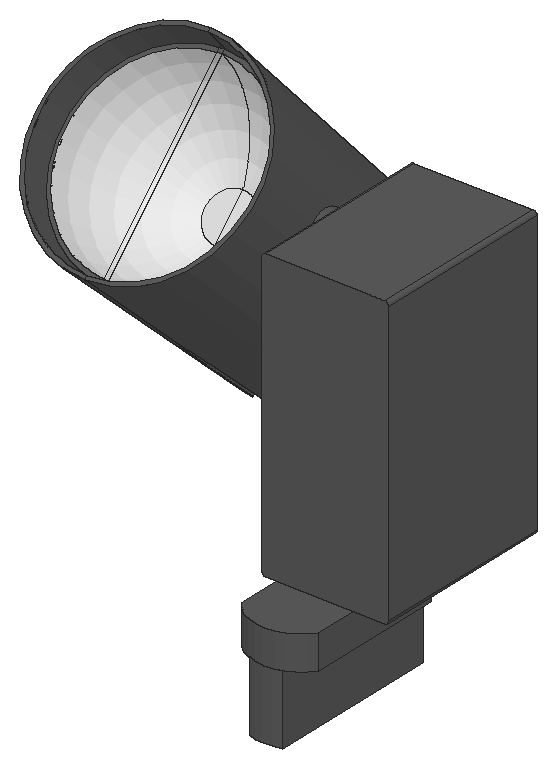
Revit family "0004949 Feilo Sylvania Lighting Fixture START TRACK SPOT S DALI 2141LM 940 MB BLK", category Lighting Fixtures, host Face, Revit 2017 (continued)
Definition of nested family "Start Track Spot Head"
  Types (96, lengths in mm): name | Wattage | built-in parameter 1150134 | Photometric Web File | Model | built-in parameter 1150105 | Lumens | built-in parameter 1150107 | built-in parameter 1150106 | HeadThickness_FEILO | HeadRibOffset_FEILO | HeadRibDepth_FEILO | HeadRibCutWidth_FEILO | HeadRibCutOffset_FEILO | HeadReflectorRadius_FEILO | HeadReflectorOffset_FEILO | HeadLEDRadius_FEILO | HeadHeight_FEILO | HeadDiffusorOffset_FEILO | HeadDiaOut_FEILO | HeadDiaIn_FEILO | HeadAxisFromTop_FEILO | Emit from Circle Diameter | built-in parameter 1150104 | Description | Apparent Load
    0004812 START TRACK SPOT S 14W 3K RA80 MB WHITE | 14 W | (empty or 0) | "0004812.ies" | "START TRACK SPOT S 14W 3K RA80 MB WHITE" | 120.32 (stored number, unit not read) | 1512 lm | 3000 (stored number, unit not read) | 1.2032 (stored number, unit not read) | 1.5 | 4.179 | 55.714 | 7.167 | 50.87 | 50.588 | 55.714 | 9.556 | 117 | 9.435 | 86 | 77.477 | 69.354 | 77.477 | 10.034 (stored number, unit not read) | "Integrated LED spotlight, Textured White - RAL9016, compact and minimalist design, ideal for retail applications, die-cast aluminium body, passive cooling heatsink. Beam angle: 36°, color temperature: 3000K , total system power: 14W, total fixture output: 1508 lm, LOR: 100%, colour rendering: Ra: 80 typical, LED Chromaticity: 3 step MacAdam ellipse, lifetime: >50000 hours at L70B50, energy class: A++, A+, A, IR/UV free light source without heat radiation, operating voltage: 220-240V / 50-60Hz, drive current: 350mA, electronic driver, non-dimmable, power factor: 0.92, electrical protection: Class II, Global Track 3 Phase adapter suitable for Global trac 3-circuit tracks, ingress protection rating: IP20, suitable for internal environment only, horizontal rotation: 355°, vertical tilt: 90°, dimensions: Ø86x140x200, weight: 0.940kg." | 14 VA
    0004811 START TRACK SPOT S 14W 3K RA80 NB WHITE | 14 W | (empty or 0) | "0004811.ies" | "START TRACK SPOT S 14W 3K RA80 NB WHITE" | 123.66 (stored number, unit not read) | 1554 lm | 3000 (stored number, unit not read) | 1.2366 (stored number, unit not read) | 1.5 | 4.179 | 55.714 | 7.167 | 50.87 | 50.588 | 55.714 | 9.556 | 117 | 9.435 | 86 | 77.477 | 69.354 | 77.477 | 10.312 (stored number, unit not read) | "Integrated LED spotlight, Textured White - RAL9016, compact and minimalist design, ideal for retail applications, die-cast aluminium body, passive cooling heatsink. Beam angle: 12°, color temperature: 3000K , total system power: 14W, total fixture output: 1551 lm, LOR: 100%, colour rendering: Ra: 80 typical, LED Chromaticity: 3 step MacAdam ellipse, lifetime: >50000 hours at L70B50, energy class: A++, A+, A, IR/UV free light source without heat radiation, operating voltage: 220-240V / 50-60Hz, drive current: 350mA, electronic driver, non-dimmable, power factor: 0.92, electrical protection: Class II, Global Track 3 Phase adapter suitable for Global trac 3-circuit tracks, ingress protection rating: IP20, suitable for internal environment only, horizontal rotation: 355°, vertical tilt: 90°, dimensions: Ø86x140x200, weight: 0.940kg." | 14 VA
  Reference planes
    plane 1 "Center (Front/Back)": y = 0
    plane 2: z = 0
    plane 3 "Center (Left/Right)": x = 0
    plane 4: x = 43
    plane 5: x = -43
    plane 6: x = -38.739
    plane 7: x = 38.739
    plane 8: z = 69.354
    plane 9: z = -47.646
    plane 10: x = -41.5
    plane 11: x = -37.239
    plane 12: z = -38.211
    plane 13: z = -35.211
    plane 14: z = 8.068
    plane 15: x = -9.556
    plane 16: x = -28.667
    plane 17: x = -19.111
    plane 18: x = -27.167
    plane 19: x = -17.611
    plane 20: x = -8.056
    plane 21: z = 13.64
    plane 22: x = -29.667
    plane 23: x = -26.167
    plane 24: x = -20.111
    plane 25: x = -16.611
    plane 26: x = -10.556
    plane 27: x = -7.056
    plane 28: x = -36.239
    plane 29: x = -40.5
    plane 30: z = 65.175
    plane 31: z = 60.997
    plane 32: z = 56.818
    plane 33: z = 18.484
    plane 34: y = -43
    plane 35: y = 43
    plane 36: y = 3.583
    plane 37: y = -3.583
    plane 38: y = -2.583
    plane 39: y = 2.583
    plane 40: y = 46
    plane 41: z = 13.5
    plane 42: z = -13.5
    plane 43: y = 39
    plane 44: x = 4.708
    plane 45: x = -2.458
    plane 46: x = -1.458
    plane 47: x = 1.458
  Forms (mm)
    Extrusion 1, solid
      sketch origin (4.2, 0, 0) x (1, 0, 0) y (0, 1, 0)
        loop
          line (-1219.2, 1219.2) -> (-1219.2, -1219.2) -> (1219.2, -1219.2) -> (1219.2, 1219.2) -> (-1219.2, 1219.2)
      from 0 to -68.017
    Revolve 2, solid, material <- "Material_1_FEILO", detail levels medium+fine
      sketch origin (0, 0, 0) x (1, 0, 0) y (0, 0, 1)
        loop
          line (-43, -47.646) -> (-41.5, -47.646) -> (-40.5, -35.211) -> (-38.739, -35.211)
          arc (-38.739, -35.211) -> (-30.16, -9.517) -> (-9.556, 8.068) r 50.588
          line (-9.556, 8.068) -> (0, 8.068) -> (0, 13.64) -> (-16.611, 13.64) -> (-17.611, 60.997) -> (-19.111, 60.997) -> (-20.111, 13.64) -> (-36.239, 13.64) -> (-37.239, 69.354) -> (-38.739, 69.354) -> (-43, -47.646)
        axis (0, 69.354) -> (0, -47.646)
      angle from 360 to 0
    Extrusion 3, void
      sketch origin (0, 0, 0) x (0, 1, 0) y (0, 0, 1)
        loop
          line (-3.583, 69.354) -> (-2.583, 18.484) -> (1.932, 18.484) -> (2.932, 69.354) -> (-3.583, 69.354)
      from 43 to -43
    Revolve 4, solid, material <- "Material_2_FEILO", detail levels medium+fine
      sketch origin (0, 0, 0) x (1, 0, 0) y (0, 0, 1)
        loop
          line (-41.5, -38.211) -> (0, -38.211) -> (0, -35.211) -> (-41.5, -35.211) -> (-41.5, -38.211)
        axis (0, -35.211) -> (0, -38.211)
      angle from 360 to 0
    Revolve 5, solid, material <- "Material_1_FEILO"
      sketch origin (0, 0, 0) x (0, 1, 0) y (0, 0, 1)
        loop
          line (46, 0) -> (39, 0) -> (39, -13.5) -> (46, -13.5) -> (46, 0)
        axis (39, 0) -> (46, 0)
      angle from 360 to 0
    Revolve 6, solid, material <- "Material_1_FEILO", detail levels medium+fine
      sketch origin (0, 0, 0) x (1, 0, 0) y (0, 0, 1)
        loop
          line (-29.667, 13.64) -> (-26.167, 13.64) -> (-27.167, 65.175) -> (-28.667, 65.175) -> (-29.667, 13.64)
        loop
          line (-10.556, 13.64) -> (-7.056, 13.64) -> (-7.833, 56.818) -> (-9.778, 56.818) -> (-10.556, 13.64)
        axis (0, 65.175) -> (0, 13.64)
      angle from 360 to 0
    Extrusion 7, void
      sketch origin (0, 0, 0) x (1, 0, 0) y (0, 0, 1)
        loop
          line (4.708, 69.354) -> (-2.458, 69.354) -> (-1.458, 13.64) -> (1.458, 13.64) -> (4.708, 69.354)
      from -43 to 43
    Revolve 8, solid, material <- "Material_1_FEILO", detail levels coarse
      sketch origin (0, 0, 0) x (1, 0, 0) y (0, 0, 1)
        loop
          line (0, 69.354) -> (-38.739, 69.354) -> (-43, -47.646) -> (-41.5, -47.646) -> (-40.731, -38.211) -> (0, -38.211) -> (0, 69.354)
        axis (0, 69.354) -> (0, -47.646)
      angle from 360 to 0
  Cuts and joins
    Extrusion 3 cuts Revolve 2
    Extrusion 7 cuts Revolve 6
  Dimensions and locks
    equal spacing: plane 7, plane 3 "Center (Left/Right)", plane 6
    equal spacing: plane 4, plane 3 "Center (Left/Right)", plane 5
    "HeadDiaOut_FEILO": plane 4 to plane 5
    "HeadDiaIn_FEILO": plane 7 to plane 6
    "HeadHeight_FEILO": plane 8 to plane 9
    "HeadThickness_FEILO": plane 10 to plane 5
    "HeadThickness_FEILO": plane 11 to plane 6
    "HeadDiffusorOffset_FEILO": plane 12 to plane 9
    "HeadDiffusorThickness_FEILO": plane 13 to plane 12
    "HeadReflectorOffset_FEILO": plane 14 to plane 9
    "HeadLEDRadius_FEILO": plane 3 "Center (Left/Right)" to plane 15
    "HeadLEDRadius_FEILO": plane 15 to plane 17
    "HeadLEDRadius_FEILO": plane 17 to plane 16
    "HeadThickness_FEILO": plane 18 to plane 16
    "HeadThickness_FEILO": plane 19 to plane 17
    "HeadThickness_FEILO": plane 20 to plane 15
    "HeadRibDepth_FEILO": plane 8 to plane 21
    "HeadDraft_FEILO": plane 16 to plane 22
    "HeadDraft_FEILO": plane 23 to plane 18
    "HeadDraft_FEILO": plane 17 to plane 24
    "HeadDraft_FEILO": plane 25 to plane 19
    "HeadDraft_FEILO": plane 15 to plane 26
    "HeadDraft_FEILO": plane 27 to plane 20
    "HeadDraft_FEILO": plane 29 to plane 10
    "HeadDraft_FEILO": plane 28 to plane 11
    "HeadRibOffset_FEILO": plane 8 to plane 30
    "HeadRibOffset_FEILO": plane 30 to plane 31
    "HeadRibOffset_FEILO": plane 31 to plane 32
    "HeadAxisFromTop_FEILO": plane 8 to plane 2
    "HeadRibCutOffset_FEILO": plane 8 to plane 33
    equal spacing: plane 34, plane 1 "Center (Front/Back)", plane 35
    "HeadDiaOut_FEILO": plane 34 to plane 35
    equal spacing: plane 38, plane 1 "Center (Front/Back)", plane 39
    equal spacing: plane 37, plane 1 "Center (Front/Back)", plane 36
    "HeadRibCutWidth_FEILO": plane 37 to plane 36
    "HeadDraft_FEILO": plane 37 to plane 38
    locked: plane 35 to plane 40 at 3
    equal spacing: plane 41, plane 2, plane 42
    locked: plane 42 to plane 41 at 27
    locked: plane 43 to plane 35 at 4
    equal spacing: plane 45, imposter light, plane 44
    "HeadDraft_FEILO": plane 46 to plane 45
    "HeadRibCutWidth_FEILO": plane 44 to plane 45
    equal spacing: plane 47, plane 3 "Center (Left/Right)", plane 46
    "HeadReflectorRadius_FEILO": radius of Revolve 2 sketch curve
    aligned and locked: plane 2 to Extrusion 1
    aligned and locked: level to Extrusion 1
    aligned and locked: Revolve 2 sketch curve to plane 3 "Center (Left/Right)"  (x2)
    aligned and locked: plane 9 to Revolve 2 sketch curve  (x2)
    aligned and locked: plane 5 to Revolve 2 sketch curve
    aligned and locked: plane 10 to Revolve 2 sketch curve
    aligned and locked: plane 14 to Revolve 2 sketch curve
    aligned and locked: plane 8 to Revolve 2 sketch curve
    aligned and locked: Revolve 2 sketch curve to plane 13
    aligned and locked: plane 12 to Revolve 4 sketch curve
    aligned and locked: plane 3 "Center (Left/Right)" to Revolve 4 sketch curve
    aligned and locked: Revolve 4 sketch curve to plane 10
    aligned and locked: Revolve 4 sketch curve to plane 3 "Center (Left/Right)"
    aligned and locked: plane 12 to imposter light
    aligned and locked: imposter light to plane 1 "Center (Front/Back)"
    aligned and locked: Revolve 5 sketch curve to plane 2
    aligned and locked: plane 43 to Revolve 5 sketch curve
    aligned and locked: plane 42 to Revolve 5 sketch curve
    aligned and locked: Revolve 6 sketch curve to plane 3 "Center (Left/Right)"
    aligned and locked: plane 22 to Revolve 6 sketch curve
    aligned and locked: plane 30 to Revolve 6 sketch curve
    aligned and locked: plane 23 to Revolve 6 sketch curve
    aligned and locked: Revolve 6 sketch curve to plane 21  (x2)
    aligned and locked: plane 21 to Revolve 6 sketch curve
    aligned and locked: plane 17 to Revolve 2 sketch curve
    aligned and locked: plane 19 to Revolve 2 sketch curve
    aligned and locked: plane 31 to Revolve 2 sketch curve
    aligned and locked: plane 21 to Revolve 2 sketch curve
    aligned and locked: Extrusion 3 to plane 8
    aligned and locked: plane 33 to Extrusion 3
    aligned and locked: plane 8 to Extrusion 3 sketch curve
    aligned and locked: Extrusion 3 sketch curve to plane 33
    aligned and locked: Extrusion 3 to plane 5
    aligned and locked: plane 4 to Extrusion 3
    aligned and locked: plane 32 to Revolve 6 sketch curve
    aligned and locked: plane 44 to Extrusion 7 sketch curve
    aligned and locked: Extrusion 7 sketch curve to plane 8
    aligned and locked: plane 46 to Extrusion 7 sketch curve
    aligned and locked: plane 21 to Extrusion 7 sketch curve
    aligned and locked: plane 34 to Extrusion 7
    aligned and locked: Extrusion 7 to plane 35
    aligned and locked: Revolve 4 sketch curve to plane 13
    aligned and locked: Revolve 5 sketch curve to plane 40
    aligned and locked: Revolve 8 sketch curve to plane 3 "Center (Left/Right)"
    aligned and locked: Revolve 8 sketch curve to cut or joined group of Revolve 2, Extrusion 3  (x3)
    aligned and locked: plane 5 to Revolve 8 sketch curve
    aligned and locked: plane 3 "Center (Left/Right)" to Revolve 8 sketch curve
    aligned and locked: plane 12 to Revolve 8 sketch curve
  Automatic sketch dimensions
    Extrusion 1 sketch curve to Extrusion 1 sketch curve = 2438.4 mm  (x2)
    Extrusion 3 sketch curve to plane 37 = 0 mm
    Extrusion 3 sketch curve to plane 38 = 0 mm
    plane 39 to Extrusion 3 sketch curve = 0.651 mm
    Extrusion 3 sketch curve to plane 39 = 0.349 mm
    Revolve 6 sketch curve to plane 16 = 0 mm
    Revolve 6 sketch curve to plane 18 = 0 mm
    Revolve 6 sketch curve to plane 26 = 0 mm
    Revolve 6 sketch curve to plane 27 = 0 mm
    Revolve 6 sketch curve to plane 15 = 0.222 mm
    plane 9 to Revolve 6 sketch curve = 559.103 mm
    Revolve 6 sketch curve to plane 8 = 2535.555 mm
    plane 20 to Revolve 6 sketch curve = 0.222 mm
    Revolve 2 sketch curve to plane 29 = 0 mm
    Revolve 2 sketch curve to plane 6 = 0 mm  (x2)
    Revolve 2 sketch curve to plane 11 = 0 mm
    Revolve 2 sketch curve to plane 21 = 0 mm
    Revolve 2 sketch curve to plane 28 = 0 mm
    Revolve 2 sketch curve to plane 24 = 0 mm
    Revolve 2 sketch curve to plane 25 = 0 mm
    Revolve 2 sketch curve to plane 15 = 0 mm
    Revolve 2 sketch curve to Revolve 2 sketch curve = 557.155 mm
    Revolve 2 sketch curve to plane 8 = 2535.558 mm
    Extrusion 7 sketch curve to plane 45 = 0 mm
    Extrusion 7 sketch curve to plane 47 = 0 mm
    plane 9 to Revolve 4 sketch curve = 559.103 mm
    Revolve 4 sketch curve to plane 8 = 2535.555 mm
    Revolve 5 sketch curve to level = 0 mm
    plane 34 to Revolve 5 sketch curve = 1968.092 mm
    Revolve 5 sketch curve to plane 40 = 1405.763 mm
    Revolve 8 sketch curve to plane 6 = 0 mm
    Revolve 8 sketch curve to plane 29 = 0.231 mm
    plane 9 to Revolve 8 sketch curve = 559.103 mm
    Revolve 8 sketch curve to Revolve 8 sketch curve = 2535.555 mm
Definition of nested family "Start Track Spot Box"
  Parameters (values of type "Type Large White")
    URL = "http://www.feilosylvania.com"
    Type Image = (empty or 0)
    Type Comments = "n/a"
    Small_FEILO = no
    Material_3_FEILO = none
    Model = ""
    Manufacturer = "Feilo Sylvania"
    Keynote = ""
    Material_2_FEILO = none
    Description = ""
    Default Elevation = 1219.2 mm
    Cost = 0
    Material_1_FEILO = none
    BoxWidth_FEILO = 49 mm
    BoxStartAngle_FEILO [instance] = 0.00°
    BoxRadius_FEILO = 1.5 mm
    BoxHeight_FEILO = if(Small_FEILO, 112 mm, 136 mm)  # 136 mm
    BoxEndAngle_FEILO [instance] = BoxStartAngle_FEILO - 180.00°  # -180.00°
    BoxDepth_FEILO = if(Small_FEILO, 71.5 mm, 79 mm)  # 79 mm
    BoxAxisVerticalOffset_FEILO = 16 mm
    BoxAxisOffset_FEILO = BoxHeight_FEILO / 6.8  # 20 mm
    Assembly Code = ""
    Material_4_FEILO = none
  Types (4, lengths in mm): name | Small_FEILO | BoxHeight_FEILO | BoxDepth_FEILO | BoxAxisOffset_FEILO
    Type Large White | no | 136 | 79 | 20
    Type Small White | yes | 112 | 71.5 | 16.471
    Type Small Black | yes | 112 | 71.5 | 16.471
    Type Large Black | no | 136 | 79 | 20
  Reference planes
    plane 1 "Center (Front/Back)": y = 0
    plane 2: z = 0
    plane 3 "Center (Left/Right)": x = 0
    plane 4: x = 24.5
    plane 5: x = -24.5
    plane 6: y = 68
    plane 7: y = -68
    plane 8: z = 39.5
    plane 9: z = -39.5
    plane 10: y = -48
    plane 11: x = 30.5
    plane 12: x = 8.5
    plane 13: x = 21.5
    plane 14: y = 70
    plane 15: y = 72
    plane 16: x = 19.5
  Forms (mm)
    Extrusion 1, solid
      sketch origin (4.2, 0, 0) x (1, 0, 0) y (0, 1, 0)
        loop
          line (-1219.2, 1219.2) -> (-1219.2, -1219.2) -> (1219.2, -1219.2) -> (1219.2, 1219.2) -> (-1219.2, 1219.2)
      from 0 to -68.017
    Extrusion 2, solid, material <- "Material_1_FEILO"
      sketch origin (0, 0, 0) x (1, 0, 0) y (0, 1, 0)
        loop
          arc (-23, 68) -> (-24.061, 67.561) -> (-24.5, 66.5) r 1.5
          line (-24.5, 66.5) -> (-24.5, -66.5)
          arc (-24.5, -66.5) -> (-24.061, -67.561) -> (-23, -68) r 1.5
          line (-23, -68) -> (23, -68)
          arc (23, -68) -> (24.061, -67.561) -> (24.5, -66.5) r 1.5
          line (24.5, -66.5) -> (24.5, 66.5)
          arc (24.5, 66.5) -> (24.061, 67.561) -> (23, 68) r 1.5
          line (23, 68) -> (-23, 68)
      from -39.5 to 39.5
    Revolve 3, solid, not visible
      sketch origin (0, 0, 0) x (1, 0, 0) y (0, 1, 0)
        loop
          line (30.5, -48) -> (24.5, -48) -> (24.5, -68) -> (30.5, -68) -> (30.5, -48)
        axis (30.5, -48) -> (24.5, -48)
      angle from 0 <- "BoxStartAngle_FEILO" to -180 <- "BoxEndAngle_FEILO"
    Revolve 4, solid, material <- "Material_2_FEILO"
      sketch origin (0, 0, 0) x (1, 0, 0) y (0, 1, 0)
        loop
          line (8.5, 68) -> (19.5, 68) -> (19.5, 70) -> (21.5, 70) -> (21.5, 72) -> (8.5, 72) -> (8.5, 68)
        axis (8.5, 72) -> (8.5, 68)
      angle from 360 to 0
  Dimensions and locks
    equal spacing: plane 5, plane 3 "Center (Left/Right)", plane 4
    "BoxWidth_FEILO": plane 5 to plane 4
    equal spacing: plane 7, plane 1 "Center (Front/Back)", plane 6
    "BoxHeight_FEILO": plane 7 to plane 6
    equal spacing: plane 8, plane 2, plane 9
    "BoxDepth_FEILO": plane 8 to plane 9
    "BoxAxisOffset_FEILO": plane 7 to plane 10
    locked: plane 4 to plane 11 at 6
    "BoxAxisVerticalOffset_FEILO": plane 12 to plane 4
    locked: plane 12 to plane 13 at 13
    plane 6 to plane 14 to plane 15 = 2 mm locked, 2 mm locked
    locked: plane 12 to plane 16 at 11
    "BoxRadius_FEILO": radius of Extrusion 2 sketch curve  (x4)
    aligned and locked: plane 2 to Extrusion 1
    aligned and locked: level to Extrusion 1
    aligned and locked: plane 6 to Extrusion 2 sketch curve
    aligned and locked: plane 5 to Extrusion 2 sketch curve
    aligned and locked: Extrusion 2 sketch curve to plane 7
    aligned and locked: Extrusion 2 sketch curve to plane 4
    aligned and locked: Extrusion 2 to plane 8
    aligned and locked: plane 9 to Extrusion 2
    aligned and locked: Revolve 3 sketch curve to plane 10  (x2)
    aligned and locked: plane 11 to Revolve 3 sketch curve
    aligned and locked: Revolve 3 sketch curve to plane 4
    aligned and locked: plane 7 to Revolve 3 sketch curve
    aligned and locked: Revolve 4 sketch curve to plane 12
    aligned and locked: plane 6 to Revolve 4 sketch curve
    aligned and locked: plane 12 to Revolve 4 sketch curve
    aligned and locked: plane 15 to Revolve 4 sketch curve
    aligned and locked: Revolve 4 sketch curve to plane 13
    aligned and locked: Revolve 4 sketch curve to plane 14
    aligned and locked: Revolve 4 sketch curve to plane 16
    aligned and locked: Revolve 4 sketch curve to plane 6
  Automatic sketch dimensions
    Extrusion 1 sketch curve to Extrusion 1 sketch curve = 2438.4 mm  (x2)
    Revolve 3 sketch curve to plane 5 = 1499.5 mm
    plane 11 to Revolve 3 sketch curve = 1493.5 mm
    plane 15 to Revolve 4 sketch curve = 0 mm
    plane 7 to Revolve 4 sketch curve = 1456 mm
    Revolve 4 sketch curve to plane 15 = 1452 mm
